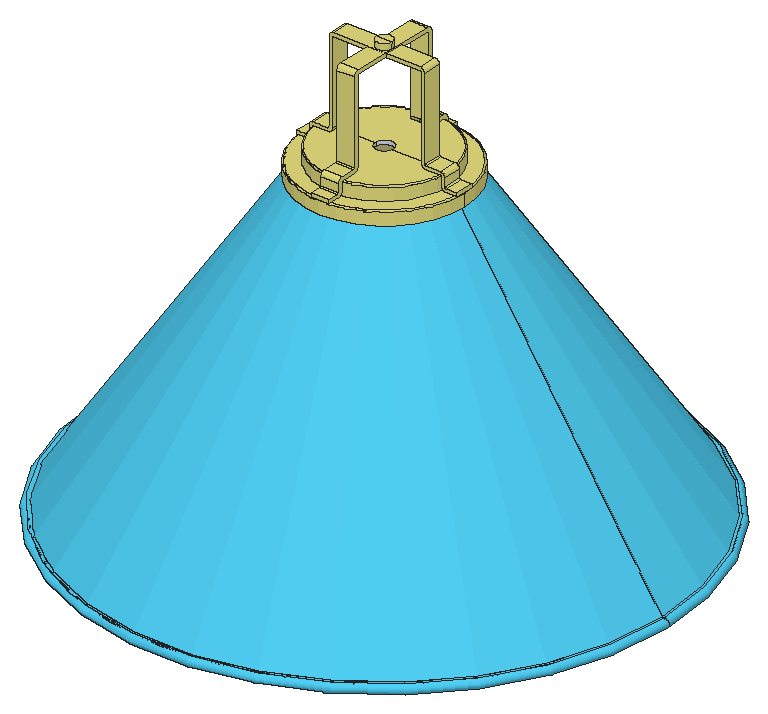
Revit family "BTC16 SHADE", category Lighting Fixtures, Revit 2024
Family settings
  Round Connector Dimension = Use Diameter
  Part Type = Normal
  OmniClass Number = 23.80.70.00
  OmniClass Title = Lighting
  Work Plane-Based = No
  Always vertical = Yes
  Cut with Voids When Loaded = No
  Light Source = Yes
  Maintain Annotation Orientation = No
  Shared = No
  Room Calculation Point = No
Parameters
  Wattage = 12.1178 W
  built-in parameter 1150110 = 1 (stored number, unit not read)
  built-in parameter 1114217 = 1 (stored number, unit not read)
  built-in parameter 1150109 = 1 (stored number, unit not read)
  built-in parameter 1150134 = (empty or 0)
  built-in parameter 1150113 = 1 (stored number, unit not read)
  Lumens = 1800 lm
  built-in parameter 1150115 = 1 (stored number, unit not read)
  built-in parameter 1150105 = 572.96 (stored number, unit not read)
  Light Source Symbol Size = 2' - 0"
  built-in parameter 1150137 = (empty or 0)
  built-in parameter 1150139 = (empty or 0)
  built-in parameter 1150112 = 1 (stored number, unit not read)
  built-in parameter 1150114 = 1 (stored number, unit not read)
  built-in parameter 1150132 = 2
  built-in parameter 1150102 = (empty or 0)
  built-in parameter 1150138 = (empty or 0)
  built-in parameter 1150107 = 3000 (stored number, unit not read)
  built-in parameter 1150106 = 5.7296 (stored number, unit not read)
  built-in parameter 1150104 = 13.8 (stored number, unit not read)
  Dimming Lamp Color Temperature Shift = (empty or 0)
  Default Elevation = 0' - 0"
  Color Filter = 16777215
  built-in parameter 1114218 = 1 (stored number, unit not read)
  built-in parameter 1150133 = 10 (stored number, unit not read)
Reference planes (in)
  plane 1 "Light Source Axis (F/B)": y = 0
  plane 2: z = 0
  plane 3 "Light Source Axis (L/R)": x = 0
  plane 4 "Light Source Elevation": z = 84
Forms (in)
  Revolve 1, solid
    sketch origin (0, 0, 0) x (1, 0, 0) y (0, 0, 1)
      loop
        line (-7.84337, 84.00407) -> (-2.04326, 92.625) -> (-2.15625, 92.625) -> (-7.7909, 84.25) -> (-7.875, 84.25)
        arc (-7.875, 84.25) -> (-7.99898, 84.10905) -> (-7.84337, 84.00407) r 0.125
      axis (0, 92.625) -> (0, 84.00407)
    angle from 0 to 360
  Revolve 2, solid
    sketch origin (0, 0, 0) x (1, 0, 0) y (0, 0, 1)
      loop
        line (-0.25, 93.28125) -> (-0.25, 93.375) -> (-1.78125, 93.375)
        arc (-1.78125, 93.375) -> (-1.80335, 93.36585) -> (-1.8125, 93.34375) r 0.03125
        line (-1.8125, 93.34375) -> (-1.8125, 93) -> (-2.21875, 93)
        arc (-2.21875, 93) -> (-2.24085, 92.99085) -> (-2.25, 92.96875) r 0.03125
        line (-2.25, 92.96875) -> (-2.25, 92.625) -> (-2.15625, 92.625) -> (-2.15625, 92.90625) -> (-1.71875, 92.90625) -> (-1.71875, 93.28125) -> (-0.25, 93.28125)
      axis (0, 92.625) -> (0, 93.375)
    angle from 0 to 360
  Sweep 3, solid
    path origin (0, 0, 0) x (1, 0, 0) y (0, 0, 1)
      loop
        line (-2.25, 93) -> (-1.9375, 93)
        arc (-1.9375, 93) -> (-1.84911, 93.03661) -> (-1.8125, 93.125) r 0.125
        line (-1.8125, 93.125) -> (-1.8125, 93.34375)
        arc (-1.8125, 93.34375) -> (-1.80335, 93.36585) -> (-1.78125, 93.375) r 0.03125
        line (-1.78125, 93.375) -> (-1.375, 93.375)
        arc (-1.375, 93.375) -> (-1.28661, 93.41161) -> (-1.25, 93.5) r 0.125
        line (-1.25, 93.5) -> (-1.25, 95.78125)
        arc (-1.25, 95.78125) -> (-1.24085, 95.80335) -> (-1.21875, 95.8125) r 0.03125
        line (-1.21875, 95.8125) -> (0, 95.8125)
    profile origin (-2.09375, 0, 93) x (0, 0, 1) y (0, -1, 0)
      loop
        line (0, 0) -> (0, -0.25) -> (0.09375, -0.25) -> (0.09375, 0.25) -> (0, 0.25) -> (0, 0)
  Sweep 4, solid
    path origin (0, 0, 0) x (0, -1, 0) y (0, 0, 1)
      loop
        line (-2.25, 93) -> (-1.9375, 93)
        arc (-1.9375, 93) -> (-1.84911, 93.03661) -> (-1.8125, 93.125) r 0.125
        line (-1.8125, 93.125) -> (-1.8125, 93.34375)
        arc (-1.8125, 93.34375) -> (-1.80335, 93.36585) -> (-1.78125, 93.375) r 0.03125
        line (-1.78125, 93.375) -> (-1.375, 93.375)
        arc (-1.375, 93.375) -> (-1.28661, 93.41161) -> (-1.25, 93.5) r 0.125
        line (-1.25, 93.5) -> (-1.25, 95.78125)
        arc (-1.25, 95.78125) -> (-1.24085, 95.80335) -> (-1.21875, 95.8125) r 0.03125
        line (-1.21875, 95.8125) -> (0, 95.8125)
    profile origin (0, 2.09375, 93) x (0, 0, 1) y (-1, 0, 0)
      loop
        line (0, 0) -> (0, -0.25) -> (0.09375, -0.25) -> (0.09375, 0.25) -> (0, 0.25) -> (0, 0)
  Sweep 5, solid
    path origin (0, 0, 0) x (0, 1, 0) y (0, 0, 1)
      loop
        line (-2.25, 93) -> (-1.9375, 93)
        arc (-1.9375, 93) -> (-1.84911, 93.03661) -> (-1.8125, 93.125) r 0.125
        line (-1.8125, 93.125) -> (-1.8125, 93.34375)
        arc (-1.8125, 93.34375) -> (-1.80335, 93.36585) -> (-1.78125, 93.375) r 0.03125
        line (-1.78125, 93.375) -> (-1.375, 93.375)
        arc (-1.375, 93.375) -> (-1.28661, 93.41161) -> (-1.25, 93.5) r 0.125
        line (-1.25, 93.5) -> (-1.25, 95.78125)
        arc (-1.25, 95.78125) -> (-1.24085, 95.80335) -> (-1.21875, 95.8125) r 0.03125
        line (-1.21875, 95.8125) -> (0, 95.8125)
    profile origin (0, -2.09375, 93) x (0, 0, 1) y (1, 0, 0)
      loop
        line (0, 0) -> (0, -0.25) -> (0.09375, -0.25) -> (0.09375, 0.25) -> (0, 0.25) -> (0, 0)
  Sweep 6, solid
    path origin (0, 0, 0) x (-1, 0, 0) y (0, 0, 1)
      loop
        line (-2.25, 93) -> (-1.9375, 93)
        arc (-1.9375, 93) -> (-1.84911, 93.03661) -> (-1.8125, 93.125) r 0.125
        line (-1.8125, 93.125) -> (-1.8125, 93.34375)
        arc (-1.8125, 93.34375) -> (-1.80335, 93.36585) -> (-1.78125, 93.375) r 0.03125
        line (-1.78125, 93.375) -> (-1.375, 93.375)
        arc (-1.375, 93.375) -> (-1.28661, 93.41161) -> (-1.25, 93.5) r 0.125
        line (-1.25, 93.5) -> (-1.25, 95.78125)
        arc (-1.25, 95.78125) -> (-1.24085, 95.80335) -> (-1.21875, 95.8125) r 0.03125
        line (-1.21875, 95.8125) -> (0, 95.8125)
    profile origin (2.09375, 0, 93) x (0, 0, 1) y (0, 1, 0)
      loop
        line (0, 0) -> (0, -0.25) -> (0.09375, -0.25) -> (0.09375, 0.25) -> (0, 0.25) -> (0, 0)
  Revolve 7, solid
    sketch origin (0, 0, 0) x (1, 0, 0) y (0, 0, 1)
      loop
        line (-0.21235, 95.90625) -> (0, 95.90625) -> (0, 96.06272) -> (-0.21235, 96.06272) -> (-0.21235, 95.90625)
      axis (0, 95.90625) -> (0, 96.06272)
    angle from 0 to 360
Dimensions and locks (in)
  aligned and locked: plane 3 "Light Source Axis (L/R)" to imposter light
  aligned and locked: plane 1 "Light Source Axis (F/B)" to imposter light
  aligned and locked: plane 4 "Light Source Elevation" to imposter light
  aligned and locked: level to plane 2
